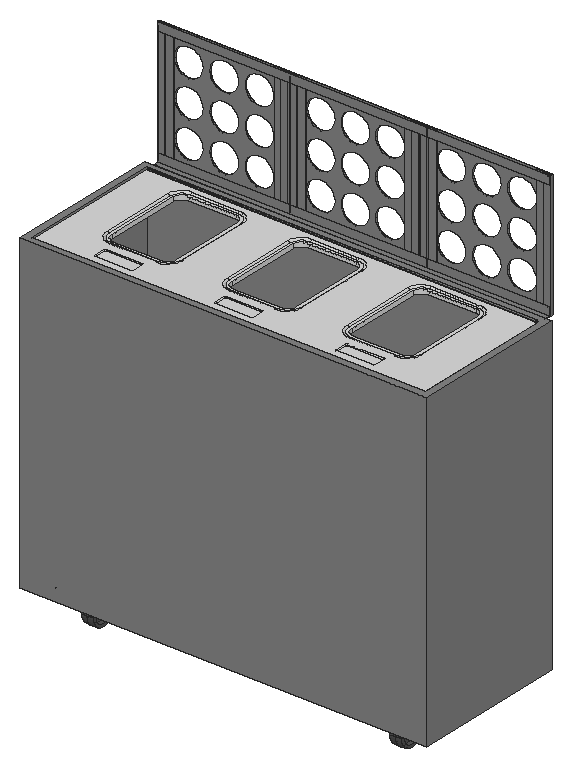
Revit family "Recycling-Waste-Bins_Aristata-Triple-Full-Full-Full_Busch-Systems", category Specialty Equipment, Revit 2026
Family settings
  Round Connector Dimension = Use Diameter
  Part Type = Normal
  Work Plane-Based = Yes
  Enable Cutting in Views = No
  Always vertical = Yes
  Cut with Voids When Loaded = No
  Maintain Annotation Orientation = No
  Shared = No
  Room Calculation Point = No
Parameters (values of type "Triple Full Full Full-Western Breeze")
  Wheel Casters = yes
  Sign Frames = yes
  Product Page URL = "https://www.arcat.com/arcatcos/cos52/arc52510.html"
  Product Name = "Triple Full Full Full-Western Breeze"
  Keynote = "11 82 00"
  URL = "https://www.buschsystems.com/"
  Type = ""
  Dimension (H x W x D) = "30”H x 39.9375”W x 15”D"  # constant formula
  Copyright = "©Arcat Inc."  # constant formula
  Model = "Aristata"
  Manufacturer = "Busch Systems International Inc."  # constant formula
  Description = ""
  Default Elevation = 0.0000"  # constant formula
  Assembly Code = ""
Types (5): name | Product Name
  Triple Full Full Full-Slate | "Triple Full Full Full-Slate"
  Triple Full Full Full-Glacier | "Triple Full Full Full-Glacier"
  Triple Full Full Full-Mid-Summer Flame | "Triple Full Full Full-Mid-Summer Flame"
  Triple Full Full Full-Western Breeze | "Triple Full Full Full-Western Breeze"
  Triple Full Full Full-Harvest Leaves | "Triple Full Full Full-Harvest Leaves"
Reference planes (in)
  plane 1 "Center (Front/Back)": y = 0
  plane 2: z = 0
  plane 3 "Center (Left/Right)": x = 0.00418
  plane 4: y = -0.95252
  plane 5: y = -11.64002
  plane 6: x = 14.82582
  plane 7: x = -14.74518
  plane 8: x = -19.49582
  plane 9: x = 19.50418
  plane 10 "FF": y = -15
  plane 11: y = -1.63621
  plane 12: y = -10.85658
  plane 13: y = -6.58246
  plane 14: x = 3.07204
  plane 15: x = -6.37603
  plane 16: z = 32.87224
  plane 17: z = 45.03052
  plane 18: z = 32.74251
  plane 19: z = 32.40939
  plane 20: x = -18.74518
  plane 21: x = 18.82582
  plane 22: z = 44.96052
  plane 23: z = 32.965
  plane 24: y = -0.68166
  plane 25: z = 32.91664
  plane 26: x = -15.93382
  plane 27: x = -12.54587
  plane 28: x = -9.15792
  plane 29: x = 16.01249
  plane 30: x = 12.63334
  plane 31: x = 9.25418
  plane 32: z = 42.3607
  plane 33: z = 38.8607
  plane 34: z = 35.3607
  plane 35: y = 0.97459
  plane 36: y = 0.50811
  plane 37: z = 4.38627
  plane 38: z = 5.01127
  plane 39: z = 3.63627
  plane 40: z = 3.5645
  plane 41: z = 2.965
  plane 42: x = -6.22152
  plane 43: x = 6.30215
  plane 44: x = -3.2832
  plane 45: x = 0.03346
  plane 46: x = 3.35011
Forms (in)
  Sweep 1, solid, material "Slate"
    path origin (0, 0, 0) x (1, 0, 0) y (0, 1, 0)
      loop
        line (-19.49582, 0) -> (-19.49582, -15) -> (19.50418, -15) -> (19.50418, 0) -> (-19.49582, 0)
    profile origin (-19.49582, -7.5, 0) x (1, 0, 0) y (0, 0, 1)
      loop
        line (0.625, 2.965) -> (0.625, 32.965) -> (0, 32.965) -> (0, 2.965) -> (0.625, 2.965)
  Sweep 2, void
    path origin (65.34541, -180, 32.87224) x (0, -1, 0) y (1, 0, 0)
      loop
        arc (-177.28404, -50.80542) -> (-177.89171, -51.05713) -> (-178.14342, -51.6648) r 0.85938
        line (-178.14342, -51.6648) -> (-178.14342, -56.19602)
        arc (-178.14342, -56.19602) -> (-177.89171, -56.80371) -> (-177.28402, -57.05542) r 0.8594
        line (-177.28402, -57.05542) -> (-170.00282, -57.05542)
        arc (-170.00282, -57.05542) -> (-169.39513, -56.80371) -> (-169.14342, -56.19602) r 0.8594
        line (-169.14342, -56.19602) -> (-169.14342, -51.6648)
        arc (-169.14342, -51.6648) -> (-169.39512, -51.05713) -> (-170.00279, -50.80542) r 0.85938
        line (-170.00279, -50.80542) -> (-177.28404, -50.80542)
    profile origin (14.53999, -6.35658, 32.87224) x (1, 0, 0) y (0, 0, 1)
      loop
        line (0, 0.10242) -> (0, -0.09983) -> (0.2939, -0.09983)
        arc (0.2939, -0.09983) -> (0.3594, -0.02715) -> (0.4534, 0) r 0.17817
        line (0.4534, 0) -> (0.4534, 0.10242) -> (0, 0.10242)
  Blend 3, void
    base sketch origin (0.59375, 0, 0) x (-1, 0, 0) y (0, -1, 0)
      loop
        line (-12.5174, 12.15354) -> (-9.12409, 12.15354)
        arc (-9.12409, 12.15354) -> (-8.98598, 12.21074) -> (-8.92878, 12.34885) r 0.19531
        line (-8.92878, 12.34885) -> (-8.92878, 13.38334)
        arc (-8.92878, 13.38334) -> (-8.98598, 13.52145) -> (-9.12409, 13.57865) r 0.19531
        line (-9.12409, 13.57865) -> (-12.51683, 13.57865)
        arc (-12.51683, 13.57865) -> (-12.65494, 13.52145) -> (-12.71214, 13.38334) r 0.19531
        line (-12.71214, 13.38334) -> (-12.71214, 12.34828)
        arc (-12.71214, 12.34828) -> (-12.6551, 12.21058) -> (-12.5174, 12.15354) r 0.19474
    top sketch origin (0.59375, 0, 0) x (-1, 0, 0) y (0, -1, 0)
      loop
        line (-12.51744, 12.23948) -> (-9.12405, 12.23948)
        arc (-9.12405, 12.23948) -> (-9.04671, 12.27151) -> (-9.01468, 12.34885) r 0.10938
        line (-9.01468, 12.34885) -> (-9.01468, 13.38334)
        arc (-9.01468, 13.38334) -> (-9.04671, 13.46068) -> (-9.12405, 13.49272) r 0.10938
        line (-9.12405, 13.49272) -> (-12.51687, 13.49272)
        arc (-12.51687, 13.49272) -> (-12.59421, 13.46068) -> (-12.62624, 13.38334) r 0.10938
        line (-12.62624, 13.38334) -> (-12.62624, 12.34828)
        arc (-12.62624, 12.34828) -> (-12.59438, 12.27134) -> (-12.51744, 12.23948) r 0.1088
    from 32.92777 to 32.79803
  Sweep 4, solid, material "Slate", visible <- "Sign Frames"
    path origin (65.34541, -180, 32.87224) x (0, -1, 0) y (1, 0, 0)
      loop
        line (-179.04748, -46.51959) -> (-179.04748, -84.09059)
    profile origin (0.04032, -0.95252, 32.87224) x (0, -1, 0) y (0, 0, 1)
      loop
        line (-1.01252, -2.01725) -> (-0.95252, -2.01725) -> (-0.95252, -0.01785)
        arc (-0.95252, -0.01785) -> (-0.97027, 0.025) -> (-1.01313, 0.04275) r 0.06061
        line (-1.01313, 0.04275) -> (-1.70548, 0.04275)
        arc (-1.70548, 0.04275) -> (-1.74582, 0.05946) -> (-1.76252, 0.0998) r 0.05705
        line (-1.76252, 0.0998) -> (-1.76252, 12.10275) -> (-1.82252, 12.10275) -> (-1.82252, 0.04211)
        arc (-1.82252, 0.04211) -> (-1.80514, 0.00014) -> (-1.76317, -0.01725) r 0.05936
        line (-1.76317, -0.01725) -> (-1.07163, -0.01725)
        arc (-1.07163, -0.01725) -> (-1.02983, -0.03456) -> (-1.01252, -0.07635) r 0.0591
        line (-1.01252, -0.07635) -> (-1.01252, -2.01725)
  Sweep 5, solid, material "Slate", visible <- "Sign Frames"
    path origin (0, 0, 0) x (1, 0, 0) y (0, 0, 1)
      loop
        line (-18.74518, 44.96052) -> (-18.74518, 32.965)
    profile origin (-18.74518, 0, 38.96276) x (0, -1, 0) y (1, 0, 0)
      loop
        line (-0.81, 1.375) -> (-0.81, -0.03)
        arc (-0.81, -0.03) -> (-0.711, -0.129) -> (-0.612, -0.03) r 0.099
        line (-0.612, -0.03) -> (-0.612, 0.625) -> (-0.648, 0.625) -> (-0.648, -0.03)
        arc (-0.648, -0.03) -> (-0.711, -0.093) -> (-0.774, -0.03) r 0.063
        line (-0.774, -0.03) -> (-0.774, 1.375) -> (-0.81, 1.375)
  Sweep 6, solid, material "Slate", visible <- "Sign Frames"
    path origin (0, 0, 0) x (-1, 0, 0) y (0, 0, 1)
      loop
        line (-18.82582, 44.96052) -> (-18.82582, 32.965)
    profile origin (18.82582, 0, 38.96276) x (0, -1, 0) y (1, 0, 0)
      loop
        line (-0.81, -1.375) -> (-0.774, -1.375) -> (-0.774, 0.03)
        arc (-0.774, 0.03) -> (-0.711, 0.093) -> (-0.648, 0.03) r 0.063
        line (-0.648, 0.03) -> (-0.648, -0.625) -> (-0.612, -0.625) -> (-0.612, 0.03)
        arc (-0.612, 0.03) -> (-0.711, 0.129) -> (-0.81, 0.03) r 0.099
        line (-0.81, 0.03) -> (-0.81, -1.375)
  Sweep 7, solid, material "Slate", visible <- "Sign Frames"
    path origin (-12.7862, 0, 0) x (-1, 0, 0) y (0, 0, 1)
      loop
        line (-6.56468, 44.96052) -> (-6.56468, 32.965)
    profile origin (-6.22152, 0, 38.96276) x (0, -1, 0) y (1, 0, 0)
      loop
        line (-0.81, -1.5) -> (-0.774, -1.5) -> (-0.774, -0.095)
        arc (-0.774, -0.095) -> (-0.711, -0.032) -> (-0.648, -0.095) r 0.063
        line (-0.648, -0.095) -> (-0.648, -0.75) -> (-0.612, -0.75) -> (-0.612, -0.095)
        arc (-0.612, -0.095) -> (-0.63176, -0.03566) -> (-0.68314, 0) r 0.099
        arc (-0.68314, 0) -> (-0.63176, 0.03566) -> (-0.612, 0.095) r 0.099
        line (-0.612, 0.095) -> (-0.612, 0.75) -> (-0.648, 0.75) -> (-0.648, 0.095)
        arc (-0.648, 0.095) -> (-0.711, 0.032) -> (-0.774, 0.095) r 0.063
        line (-0.774, 0.095) -> (-0.774, 1.5) -> (-0.81, 1.5) -> (-0.81, 0.095)
        arc (-0.81, 0.095) -> (-0.79024, 0.03566) -> (-0.73886, 0) r 0.099
        arc (-0.73886, 0) -> (-0.79024, -0.03566) -> (-0.81, -0.095) r 0.099
        line (-0.81, -0.095) -> (-0.81, -1.5)
  Sweep 8, solid, material "Slate", visible <- "Sign Frames"
    path origin (65.84541, -180, 44.96052) x (0, -1, 0) y (1, 0, 0)
      loop
        line (-180, -47.01959) -> (-180, -84.59059)
    profile origin (0.04032, 0, 44.96052) x (0, -1, 0) y (0, 0, 1)
      loop
        line (-0.552, 0) -> (-0.612, 0) -> (-0.612, -0.75) -> (-0.552, -0.75) -> (-0.552, 0)
  Sweep 9, solid, material "Slate", visible <- "Sign Frames"
    path origin (65.85446, -180, 32.965) x (0, -1, 0) y (1, 0, 0)
      loop
        line (-180, -47.02864) -> (-180, -84.59964)
    profile origin (0.04032, 0, 32.965) x (0, -1, 0) y (0, 0, 1)
      loop
        line (-0.552, 0.73047) -> (-0.612, 0.73047) -> (-0.612, -0.01953) -> (-0.552, -0.01953) -> (-0.552, 0.73047)
  Revolve 10, solid, material "Slate"
    sketch origin (65.34541, -179.9793, 32.91664) x (0, -1, 0) y (1, 0, 0)
      loop
        line (-179.29764, -83.87666) -> (-179.2293, -83.87666) -> (-179.2293, -46.80579) -> (-179.29764, -46.80579) -> (-179.29764, -83.87666)
      axis (-179.29764, -46.80579) -> (-179.29764, -83.87666)
    angle from 0 to 360
  Extrusion 11, void
    sketch origin (0, 0, 0) x (1, 0, 0) y (0, 0, 1)
      loop
        circle (-15.93382, 42.3607) r 1.37703
      loop
        circle (-12.54587, 42.3607) r 1.37703
      loop
        circle (-9.15792, 42.3607) r 1.37703
      loop
        circle (-9.15792, 38.8607) r 1.37703
      loop
        circle (-12.54587, 38.8607) r 1.37703
      loop
        circle (-15.93382, 38.8607) r 1.37703
      loop
        circle (-15.93382, 35.3607) r 1.37703
      loop
        circle (-12.54587, 35.3607) r 1.37703
      loop
        circle (-9.15792, 35.3607) r 1.37703
      loop
        circle (9.25418, 35.3607) r 1.37703
      loop
        circle (12.63334, 35.3607) r 1.37703
      loop
        circle (16.01249, 35.3607) r 1.37703
      loop
        circle (16.01249, 38.8607) r 1.37703
      loop
        circle (12.63334, 38.8607) r 1.37703
      loop
        circle (9.25418, 38.8607) r 1.37703
      loop
        circle (9.25418, 42.3607) r 1.37703
      loop
        circle (12.63334, 42.3607) r 1.37703
      loop
        circle (16.01249, 42.3607) r 1.37703
      loop
        circle (-17.74543, 31.60648) r 0.19994
      loop
        circle (-6.2149, 31.60648) r 0.19994
      loop
        circle (17.82551, 31.60648) r 0.19994
      loop
        circle (17.69995, 33.47463) r 0.06909
      loop
        circle (17.69995, 44.46069) r 0.06909
      loop
        circle (-4.90295, 33.47463) r 0.06909
      loop
        circle (-4.90295, 44.46069) r 0.06909
      loop
        circle (-7.40295, 33.47463) r 0.06909
      loop
        circle (-7.40295, 44.46069) r 0.06909
      loop
        circle (-17.62112, 33.47463) r 0.06909
      loop
        circle (-17.62112, 44.46069) r 0.06909
      loop
        circle (6.29745, 31.60648) r 0.19994
      loop
        circle (4.9855, 33.47463) r 0.06909
      loop
        circle (4.9855, 44.46069) r 0.06909
      loop
        circle (7.4855, 33.47463) r 0.06909
      loop
        circle (7.4855, 44.46069) r 0.06909
      loop
        circle (-3.2832, 35.3607) r 1.37703
      loop
        circle (0.03346, 35.3607) r 1.37703
      loop
        circle (3.35011, 35.3607) r 1.37703
      loop
        circle (3.35011, 38.8607) r 1.37703
      loop
        circle (0.03346, 38.8607) r 1.37703
      loop
        circle (-3.2832, 38.8607) r 1.37703
      loop
        circle (-3.2832, 42.3607) r 1.37703
      loop
        circle (0.03346, 42.3607) r 1.37703
      loop
        circle (3.35011, 42.3607) r 1.37703
    from -0.97459 to -0.50811
  Extrusion 12, solid, material "Slate"
    sketch origin (65.34541, -179.9793, 32.91664) x (0, -1, 0) y (-1, 0, 0)
      loop
        line (-179.3543, 84.21623) -> (-179.3543, 46.46623) -> (-165.6043, 46.46623) -> (-165.6043, 84.21623) -> (-179.3543, 84.21623)
    from 27.90537 to 28.53037
  Extrusion 13, solid, material "Slate"
    sketch origin (-0.75, 9.47428, 48) x (0, 1, 0) y (0, 0, 1)
      loop
        line (-10.29272, -43.58373) -> (-10.29272, -44.27613)
        arc (-10.29272, -44.27613) -> (-10.31838, -44.33807) -> (-10.38032, -44.36373) r 0.0876
        line (-10.38032, -44.36373) -> (-10.55585, -44.36373) -> (-10.55585, -44.4355) -> (-10.32668, -44.4355)
        arc (-10.32668, -44.4355) -> (-10.25317, -44.40505) -> (-10.22272, -44.33154) r 0.10396
        line (-10.22272, -44.33154) -> (-10.22272, -43.58373) -> (-10.29272, -43.58373)
      loop
        line (-23.75248, -43.58373) -> (-23.82248, -43.58373) -> (-23.82248, -44.33154)
        arc (-23.82248, -44.33154) -> (-23.79203, -44.40505) -> (-23.71852, -44.4355) r 0.10396
        line (-23.71852, -44.4355) -> (-23.48935, -44.4355) -> (-23.48935, -44.36373) -> (-23.66487, -44.36373)
        arc (-23.66487, -44.36373) -> (-23.72682, -44.33807) -> (-23.75248, -44.27613) r 0.0876
        line (-23.75248, -44.27613) -> (-23.75248, -43.58373)
    from 13.48722 to 17.66122
  Extrusion 14, solid, material "Slate"
    sketch origin (0.75, -9.47428, 48) x (0, -1, 0) y (0, 0, 1)
      loop
        line (-8.65583, -43.58373) -> (-8.72583, -43.58373) -> (-8.72583, -44.33154)
        arc (-8.72583, -44.33154) -> (-8.69538, -44.40505) -> (-8.62188, -44.4355) r 0.10396
        line (-8.62188, -44.4355) -> (-8.3927, -44.4355) -> (-8.3927, -44.36373) -> (-8.56823, -44.36373)
        arc (-8.56823, -44.36373) -> (-8.63017, -44.33807) -> (-8.65583, -44.27613) r 0.0876
        line (-8.65583, -44.27613) -> (-8.65583, -43.58373)
      loop
        line (4.80392, -43.58373) -> (4.80392, -44.27613)
        arc (4.80392, -44.27613) -> (4.77826, -44.33807) -> (4.71632, -44.36373) r 0.0876
        line (4.71632, -44.36373) -> (4.54079, -44.36373) -> (4.54079, -44.4355) -> (4.76997, -44.4355)
        arc (4.76997, -44.4355) -> (4.84348, -44.40505) -> (4.87392, -44.33154) r 0.10396
        line (4.87392, -44.33154) -> (4.87392, -43.58373) -> (4.80392, -43.58373)
    from 13.40658 to 17.58058
  Extrusion 15, solid, material "Slate"
    sketch origin (50.28125, 0, 0) x (1, 0, 0) y (0, 0, 1)
      loop
        line (-33.37232, 4.38627) -> (-33.78119, 4.38627)
        arc (-33.78119, 4.38627) -> (-33.89754, 4.33808) -> (-33.94573, 4.22173) r 0.16454
        line (-33.94573, 4.22173) -> (-33.94573, 3.66834)
        arc (-33.94573, 3.66834) -> (-33.95512, 3.64566) -> (-33.97779, 3.63627) r 0.03206
        line (-33.97779, 3.63627) -> (-34.14399, 3.63627) -> (-34.14399, 3.5645) -> (-33.98035, 3.5645)
        arc (-33.98035, 3.5645) -> (-33.90637, 3.59514) -> (-33.87573, 3.66912) r 0.10461
        line (-33.87573, 3.66912) -> (-33.87573, 4.21789)
        arc (-33.87573, 4.21789) -> (-33.84691, 4.28746) -> (-33.77735, 4.31627) r 0.09838
        line (-33.77735, 4.31627) -> (-33.37232, 4.31627) -> (-33.37232, 4.38627)
      loop
        line (-37.54632, 4.38627) -> (-37.54632, 4.31627) -> (-37.04946, 4.31627)
        arc (-37.04946, 4.31627) -> (-36.9799, 4.28746) -> (-36.95108, 4.21789) r 0.09838
        line (-36.95108, 4.21789) -> (-36.95108, 3.66912)
        arc (-36.95108, 3.66912) -> (-36.92044, 3.59514) -> (-36.84647, 3.5645) r 0.10461
        line (-36.84647, 3.5645) -> (-36.76899, 3.5645) -> (-36.76899, 3.63627) -> (-36.84902, 3.63627)
        arc (-36.84902, 3.63627) -> (-36.87169, 3.64566) -> (-36.88108, 3.66834) r 0.03206
        line (-36.88108, 3.66834) -> (-36.88108, 4.22173)
        arc (-36.88108, 4.22173) -> (-36.92928, 4.33808) -> (-37.04562, 4.38627) r 0.16454
        line (-37.04562, 4.38627) -> (-37.54632, 4.38627)
      loop
        line (-62.94332, 4.38627) -> (-63.35219, 4.38627)
        arc (-63.35219, 4.38627) -> (-63.46854, 4.33808) -> (-63.51673, 4.22173) r 0.16454
        line (-63.51673, 4.22173) -> (-63.51673, 3.66834)
        arc (-63.51673, 3.66834) -> (-63.52612, 3.64566) -> (-63.54879, 3.63627) r 0.03206
        line (-63.54879, 3.63627) -> (-63.71499, 3.63627) -> (-63.71499, 3.5645) -> (-63.55134, 3.5645)
        arc (-63.55134, 3.5645) -> (-63.47737, 3.59514) -> (-63.44673, 3.66912) r 0.10461
        line (-63.44673, 3.66912) -> (-63.44673, 4.21789)
        arc (-63.44673, 4.21789) -> (-63.41791, 4.28746) -> (-63.34835, 4.31627) r 0.09838
        line (-63.34835, 4.31627) -> (-62.94332, 4.31627) -> (-62.94332, 4.38627)
      loop
        line (-67.11732, 4.38627) -> (-67.11732, 4.31627) -> (-66.62046, 4.31627)
        arc (-66.62046, 4.31627) -> (-66.5509, 4.28746) -> (-66.52208, 4.21789) r 0.09838
        line (-66.52208, 4.21789) -> (-66.52208, 3.66912)
        arc (-66.52208, 3.66912) -> (-66.49144, 3.59514) -> (-66.41747, 3.5645) r 0.10461
        line (-66.41747, 3.5645) -> (-66.33999, 3.5645) -> (-66.33999, 3.63627) -> (-66.42002, 3.63627)
        arc (-66.42002, 3.63627) -> (-66.44269, 3.64566) -> (-66.45208, 3.66834) r 0.03206
        line (-66.45208, 3.66834) -> (-66.45208, 4.22173)
        arc (-66.45208, 4.22173) -> (-66.50027, 4.33808) -> (-66.61662, 4.38627) r 0.16454
        line (-66.61662, 4.38627) -> (-67.11732, 4.38627)
    from 3.79344 to 11.29344
  Sweep 16, solid, material "Slate", visible <- "Sign Frames"
    path origin (1.2138, 0, 0) x (-1, 0, 0) y (0, 0, 1)
      loop
        line (-5.08835, 44.96052) -> (-5.08835, 32.965)
    profile origin (6.30215, 0, 38.96276) x (0, -1, 0) y (1, 0, 0)
      loop
        line (-0.81, -1.5) -> (-0.774, -1.5) -> (-0.774, -0.095)
        arc (-0.774, -0.095) -> (-0.711, -0.032) -> (-0.648, -0.095) r 0.063
        line (-0.648, -0.095) -> (-0.648, -0.75) -> (-0.612, -0.75) -> (-0.612, -0.095)
        arc (-0.612, -0.095) -> (-0.63176, -0.03566) -> (-0.68314, 0) r 0.099
        arc (-0.68314, 0) -> (-0.63176, 0.03566) -> (-0.612, 0.095) r 0.099
        line (-0.612, 0.095) -> (-0.612, 0.75) -> (-0.648, 0.75) -> (-0.648, 0.095)
        arc (-0.648, 0.095) -> (-0.711, 0.032) -> (-0.774, 0.095) r 0.063
        line (-0.774, 0.095) -> (-0.774, 1.5) -> (-0.81, 1.5) -> (-0.81, 0.095)
        arc (-0.81, 0.095) -> (-0.79024, 0.03566) -> (-0.73886, 0) r 0.099
        arc (-0.73886, 0) -> (-0.79024, -0.03566) -> (-0.81, -0.095) r 0.099
        line (-0.81, -0.095) -> (-0.81, -1.5)
  Extrusion 17, solid, material "Slate"
    sketch origin (69.8431, -179.9793, 32.91664) x (0, -1, 0) y (-1, 0, 0)
      loop
        line (-176.39368, 57.10817) -> (-179.08845, 57.10817) -> (-179.08845, 52.9258) -> (-176.39368, 52.9258) -> (-176.39368, 53.70584) -> (-168.54843, 53.70584) -> (-168.54843, 52.93417) -> (-165.84382, 52.93417) -> (-165.84382, 57.10817) -> (-168.54843, 57.10817) -> (-168.54843, 56.33084) -> (-176.39368, 56.33084) -> (-176.39368, 57.10817)
    from 29.28037 to 29.35214
  Extrusion 18, solid, material "Slate"
    sketch origin (40.2753, -179.9793, 32.91664) x (0, -1, 0) y (-1, 0, 0)
      loop
        line (-176.39368, 57.10817) -> (-179.08845, 57.10817) -> (-179.08845, 52.9258) -> (-176.39368, 52.9258) -> (-176.39368, 53.70584) -> (-168.54843, 53.70584) -> (-168.54843, 52.93417) -> (-165.84382, 52.93417) -> (-165.84382, 57.10817) -> (-168.54843, 57.10817) -> (-168.54843, 56.33084) -> (-176.39368, 56.33084) -> (-176.39368, 57.10817)
    from 29.28037 to 29.35214
  Extrusion 19, solid, material "Top Finish"
    sketch origin (65.34541, -179.9793, 32.91664) x (0, -1, 0) y (-1, 0, 0)
      loop
        line (-165.7293, 84.09123) -> (-179.2293, 84.09123) -> (-179.2293, 46.59123) -> (-165.7293, 46.59123) -> (-165.7293, 84.09123)
      loop
        arc (-177.26332, 57.05542) -> (-177.871, 56.80371) -> (-178.12272, 56.19602) r 0.8594
        line (-178.12272, 56.19602) -> (-178.12272, 51.6648)
        arc (-178.12272, 51.6648) -> (-177.87101, 51.05713) -> (-177.26334, 50.80542) r 0.85937
        line (-177.26334, 50.80542) -> (-169.98209, 50.80542)
        arc (-169.98209, 50.80542) -> (-169.37442, 51.05713) -> (-169.12272, 51.6648) r 0.85937
        line (-169.12272, 51.6648) -> (-169.12272, 56.19602)
        arc (-169.12272, 56.19602) -> (-169.37443, 56.80371) -> (-169.98212, 57.05542) r 0.8594
        line (-169.98212, 57.05542) -> (-177.26332, 57.05542)
      loop
        arc (-177.26332, 80.05542) -> (-177.871, 79.80371) -> (-178.12272, 79.19602) r 0.8594
        line (-178.12272, 79.19602) -> (-178.12272, 74.6648)
        arc (-178.12272, 74.6648) -> (-177.87101, 74.05713) -> (-177.26334, 73.80542) r 0.85937
        line (-177.26334, 73.80542) -> (-169.98209, 73.80542)
        arc (-169.98209, 73.80542) -> (-169.37442, 74.05713) -> (-169.12272, 74.6648) r 0.85937
        line (-169.12272, 74.6648) -> (-169.12272, 79.19602)
        arc (-169.12272, 79.19602) -> (-169.37443, 79.80371) -> (-169.98212, 80.05542) r 0.8594
        line (-169.98212, 80.05542) -> (-177.26332, 80.05542)
      loop
        arc (-177.26332, 68.55543) -> (-177.871, 68.30372) -> (-178.12272, 67.69603) r 0.8594
        line (-178.12272, 67.69603) -> (-178.12272, 63.16481)
        arc (-178.12272, 63.16481) -> (-177.87101, 62.55714) -> (-177.26334, 62.30543) r 0.85937
        line (-177.26334, 62.30543) -> (-169.98209, 62.30543)
        arc (-169.98209, 62.30543) -> (-169.37442, 62.55714) -> (-169.12272, 63.16481) r 0.85937
        line (-169.12272, 63.16481) -> (-169.12272, 67.69603)
        arc (-169.12272, 67.69603) -> (-169.37443, 68.30372) -> (-169.98212, 68.55543) r 0.8594
        line (-169.98212, 68.55543) -> (-177.26332, 68.55543)
    from 0.04439 to 0.50725
  Blend 20, void
    base sketch origin (-11.03125, 0, 0) x (-1, 0, 0) y (0, -1, 0)
      loop
        line (-12.5174, 12.15354) -> (-9.12409, 12.15354)
        arc (-9.12409, 12.15354) -> (-8.98598, 12.21074) -> (-8.92878, 12.34885) r 0.19531
        line (-8.92878, 12.34885) -> (-8.92878, 13.38334)
        arc (-8.92878, 13.38334) -> (-8.98598, 13.52145) -> (-9.12409, 13.57865) r 0.19531
        line (-9.12409, 13.57865) -> (-12.51683, 13.57865)
        arc (-12.51683, 13.57865) -> (-12.65494, 13.52145) -> (-12.71214, 13.38334) r 0.19531
        line (-12.71214, 13.38334) -> (-12.71214, 12.34828)
        arc (-12.71214, 12.34828) -> (-12.6551, 12.21058) -> (-12.5174, 12.15354) r 0.19474
    top sketch origin (-11.03125, 0, 0) x (-1, 0, 0) y (0, -1, 0)
      loop
        line (-12.51744, 12.23948) -> (-9.12405, 12.23948)
        arc (-9.12405, 12.23948) -> (-9.04671, 12.27151) -> (-9.01468, 12.34885) r 0.10938
        line (-9.01468, 12.34885) -> (-9.01468, 13.38334)
        arc (-9.01468, 13.38334) -> (-9.04671, 13.46068) -> (-9.12405, 13.49272) r 0.10938
        line (-9.12405, 13.49272) -> (-12.51687, 13.49272)
        arc (-12.51687, 13.49272) -> (-12.59421, 13.46068) -> (-12.62624, 13.38334) r 0.10938
        line (-12.62624, 13.38334) -> (-12.62624, 12.34828)
        arc (-12.62624, 12.34828) -> (-12.59438, 12.27134) -> (-12.51744, 12.23948) r 0.1088
    from 32.92777 to 32.79803
  Blend 21, void
    base sketch origin (-22.53125, 0, 0) x (-1, 0, 0) y (0, -1, 0)
      loop
        line (-12.5174, 12.15354) -> (-9.12409, 12.15354)
        arc (-9.12409, 12.15354) -> (-8.98598, 12.21074) -> (-8.92878, 12.34885) r 0.19531
        line (-8.92878, 12.34885) -> (-8.92878, 13.38334)
        arc (-8.92878, 13.38334) -> (-8.98598, 13.52145) -> (-9.12409, 13.57865) r 0.19531
        line (-9.12409, 13.57865) -> (-12.51683, 13.57865)
        arc (-12.51683, 13.57865) -> (-12.65494, 13.52145) -> (-12.71214, 13.38334) r 0.19531
        line (-12.71214, 13.38334) -> (-12.71214, 12.34828)
        arc (-12.71214, 12.34828) -> (-12.6551, 12.21058) -> (-12.5174, 12.15354) r 0.19474
    top sketch origin (-22.53125, 0, 0) x (-1, 0, 0) y (0, -1, 0)
      loop
        line (-12.51744, 12.23948) -> (-9.12405, 12.23948)
        arc (-9.12405, 12.23948) -> (-9.04671, 12.27151) -> (-9.01468, 12.34885) r 0.10938
        line (-9.01468, 12.34885) -> (-9.01468, 13.38334)
        arc (-9.01468, 13.38334) -> (-9.04671, 13.46068) -> (-9.12405, 13.49272) r 0.10938
        line (-9.12405, 13.49272) -> (-12.51687, 13.49272)
        arc (-12.51687, 13.49272) -> (-12.59421, 13.46068) -> (-12.62624, 13.38334) r 0.10938
        line (-12.62624, 13.38334) -> (-12.62624, 12.34828)
        arc (-12.62624, 12.34828) -> (-12.59438, 12.27134) -> (-12.51744, 12.23948) r 0.1088
    from 32.92777 to 32.79803
  Sweep 22, void
    path origin (53.8454, -180, 32.87224) x (0, -1, 0) y (1, 0, 0)
      loop
        arc (-177.28404, -50.80542) -> (-177.89171, -51.05713) -> (-178.14342, -51.6648) r 0.85938
        line (-178.14342, -51.6648) -> (-178.14342, -56.19602)
        arc (-178.14342, -56.19602) -> (-177.89171, -56.80371) -> (-177.28402, -57.05542) r 0.8594
        line (-177.28402, -57.05542) -> (-170.00282, -57.05542)
        arc (-170.00282, -57.05542) -> (-169.39513, -56.80371) -> (-169.14342, -56.19602) r 0.8594
        line (-169.14342, -56.19602) -> (-169.14342, -51.6648)
        arc (-169.14342, -51.6648) -> (-169.39512, -51.05713) -> (-170.00279, -50.80542) r 0.85938
        line (-170.00279, -50.80542) -> (-177.28404, -50.80542)
    profile origin (3.03997, -6.35658, 32.87224) x (1, 0, 0) y (0, 0, 1)
      loop
        line (0, 0.10242) -> (0, -0.09983) -> (0.2939, -0.09983)
        arc (0.2939, -0.09983) -> (0.3594, -0.02715) -> (0.4534, 0) r 0.17817
        line (0.4534, 0) -> (0.4534, 0.10242) -> (0, 0.10242)
  Sweep 23, void
    path origin (42.34541, -180, 32.87224) x (0, -1, 0) y (1, 0, 0)
      loop
        arc (-177.28404, -50.80542) -> (-177.89171, -51.05713) -> (-178.14342, -51.6648) r 0.85938
        line (-178.14342, -51.6648) -> (-178.14342, -56.19602)
        arc (-178.14342, -56.19602) -> (-177.89171, -56.80371) -> (-177.28402, -57.05542) r 0.8594
        line (-177.28402, -57.05542) -> (-170.00282, -57.05542)
        arc (-170.00282, -57.05542) -> (-169.39513, -56.80371) -> (-169.14342, -56.19602) r 0.8594
        line (-169.14342, -56.19602) -> (-169.14342, -51.6648)
        arc (-169.14342, -51.6648) -> (-169.39512, -51.05713) -> (-170.00279, -50.80542) r 0.85938
        line (-170.00279, -50.80542) -> (-177.28404, -50.80542)
    profile origin (-8.46001, -6.35658, 32.87224) x (1, 0, 0) y (0, 0, 1)
      loop
        line (0, 0.10242) -> (0, -0.09983) -> (0.2939, -0.09983)
        arc (0.2939, -0.09983) -> (0.3594, -0.02715) -> (0.4534, 0) r 0.17817
        line (0.4534, 0) -> (0.4534, 0.10242) -> (0, 0.10242)
Cuts and joins
  Extrusion 11 cuts Sweep 4
  joined: Extrusion 15, Extrusion 17, Extrusion 18
  Sweep 2, Blend 3, Blend 20, Blend 21, Sweep 22, Sweep 23 cuts Extrusion 19
Lines and regions (in)
  symbolic lines, style "SpecialityEquipmentHiddenLines"
    curve 1: line (-18.24518, 0, 31.95575) -> (-6.72152, 0, 31.95575)
    curve 2: line (-17.07169, 0, 5.26127) -> (-18.24518, 0, 31.95575)
    curve 3: line (-7.65565, 0, 5.26127) -> (-17.07169, 0, 5.26127)
    curve 4: line (-6.72152, 0, 31.95575) -> (-7.65565, 0, 5.26127)
    curve 5: line (5.80215, 0, 31.95575) -> (-5.72152, 0, 31.95575)
    curve 6: line (4.62866, 0, 5.26127) -> (5.80215, 0, 31.95575)
    curve 7: line (-4.78739, 0, 5.26127) -> (4.62866, 0, 5.26127)
    curve 8: line (-5.72152, 0, 31.95575) -> (-4.78739, 0, 5.26127)
    curve 9: line (6.80215, 0, 31.95575) -> (18.32582, 0, 31.95575)
    curve 10: line (7.97564, 0, 5.26127) -> (6.80215, 0, 31.95575)
    curve 11: line (17.39168, 0, 5.26127) -> (7.97564, 0, 5.26127)
    curve 12: line (18.32582, 0, 31.95575) -> (17.39168, 0, 5.26127)
Dimensions and locks (in)
  plane 4 to plane 5 = 10.6875"
  locked: plane 19 to plane 18 at 0.33312
  plane 18 to plane 16 to plane 25 to plane 23 = 0.12974" locked, 0.04439" locked, 0.04836" locked
  locked: Revolve 10 sketch curve to plane 21 at 0.2862
  locked: plane 20 to Revolve 10 sketch curve at 0.21393
  equal spacing: plane 28, plane 27, plane 26
  equal spacing: plane 32, plane 33, plane 34
  locked: plane 17 to plane 32 at 2.66982
  locked: plane 34 to plane 23 at 2.3957
  equal spacing: plane 29, plane 30, plane 31
  plane 29 to plane 21 to plane 9 = 2.81332" locked, 0.67837" locked
  plane 26 to plane 20 to plane 8 = 2.81137" locked, 0.75063" locked
  locked: plane 17 to plane 22 at 0.07
  plane 41 to plane 40 to plane 39 to plane 37 to plane 38 = 0.59951" locked, 0.07177" locked, 0.7500" locked, 0.6250" locked
  locked: plane 23 to plane 41 at 30
  locked: plane 8 to plane 9 at 39
  locked: plane 10 "FF" to plane 1 "Center (Front/Back)" at 15
  equal spacing: plane 8, plane 3 "Center (Left/Right)", plane 9
  equal spacing: plane 21, plane 43, plane 42, plane 20
  locked: plane 28 to plane 42 at 2.9364
  locked: plane 31 to plane 43 at 2.95203
  equal spacing: plane 44, plane 45, plane 46
  locked: plane 46 to plane 43 at 2.95203
  locked: plane 44 to plane 42 at 2.93832
  aligned and locked: plane 2 to level
  aligned and locked: Sweep 1 sketch curve to plane 8
  aligned and locked: Sweep 1 sketch curve to plane 1 "Center (Front/Back)"
  aligned and locked: plane 9 to Sweep 1 sketch curve
  aligned and locked: Sweep 1 sketch curve to plane 10 "FF"
  aligned and locked: plane 4 to Sweep 4 sketch curve
  aligned and locked: plane 22 to Sweep 5 sketch curve
  aligned and locked: plane 23 to Sweep 5 sketch curve
  aligned and locked: Sweep 5 sketch curve to plane 20
  aligned and locked: Sweep 6 sketch curve to plane 21
  aligned and locked: plane 22 to Sweep 6 sketch curve
  aligned and locked: plane 23 to Sweep 6 sketch curve
  aligned and locked: plane 22 to Sweep 7 sketch curve
  aligned and locked: plane 23 to Sweep 7 sketch curve
  aligned and locked: plane 20 to Sweep 8 sketch curve
  aligned and locked: plane 21 to Sweep 8 sketch curve
  aligned and locked: Sweep 8 sketch curve to plane 1 "Center (Front/Back)"
  aligned and locked: plane 24 to Revolve 10 sketch curve  (x2)
  aligned and locked: plane 29 to Extrusion 11 sketch curve  (x3)
  aligned and locked: plane 30 to Extrusion 11 sketch curve  (x3)
  aligned and locked: plane 31 to Extrusion 11 sketch curve  (x3)
  aligned and locked: plane 28 to Extrusion 11 sketch curve  (x3)
  aligned and locked: plane 27 to Extrusion 11 sketch curve  (x3)
  aligned and locked: plane 26 to Extrusion 11 sketch curve  (x3)
  aligned and locked: plane 32 to Extrusion 11 sketch curve  (x6)
  aligned and locked: plane 33 to Extrusion 11 sketch curve  (x6)
  aligned and locked: plane 34 to Extrusion 11 sketch curve  (x6)
  aligned and locked: Extrusion 11 to plane 35
  aligned and locked: plane 36 to Extrusion 11
  aligned and locked: Sweep 1 to Extrusion 12 sketch curve  (x2)
  aligned and locked: Extrusion 12 sketch curve to Sweep 1  (x2)
  aligned and locked: plane 37 to Extrusion 12
  aligned and locked: Extrusion 12 to plane 38
  aligned and locked: Sweep 7 sketch curve to plane 42
  aligned and locked: Sweep 16 sketch curve to plane 43
  aligned and locked: plane 44 to Extrusion 11 sketch curve  (x3)
  aligned and locked: plane 45 to Extrusion 11 sketch curve  (x3)
  aligned and locked: plane 46 to Extrusion 11 sketch curve  (x3)
  aligned and locked: Extrusion 13 to nested 2  (x2)
  aligned and locked: Extrusion 14 to nested 4  (x2)
  aligned and locked: Extrusion 19 to plane 16
  aligned and locked: plane 19 to Extrusion 19
  aligned and locked: Sweep 2 sketch curve to Extrusion 19  (x2)
Automatic sketch dimensions
  plane 20 to curve 2 = 0.5000"
  curve 2 to plane 38 = 0.2500"
  curve 2 to plane 26 = 1.13788"
  plane 15 to curve 4 = 1.27962"
  plane 15 to curve 4 = 0.34549"
  plane 42 to curve 5 = 0.5000"
  curve 8 to plane 38 = 0.2500"
  plane 42 to curve 8 = 1.43413"
  curve 7 to plane 46 = 1.27855"
  curve 5 to plane 43 = 0.5000"
  plane 43 to curve 10 = 0.5000"
  curve 10 to plane 38 = 0.2500"
  curve 10 to plane 31 = 1.27855"
  curve 12 to plane 29 = 1.37919"
  curve 12 to plane 21 = 0.5000"
  plane 19 to curve 6 = 0.45363"
  plane 19 to curve 9 = 0.45363"
  plane 19 to curve 4 = 0.45363"
  profile plane to Sweep 1 sketch curve = 0.0000"
  Sweep 1 sketch curve to Sweep 1 sketch curve = 0.6250"
  level to Sweep 1 sketch curve = 2.9650"
  Sweep 1 sketch curve to Sweep 1 sketch curve = 30.0000"
  plane 12 to Sweep 2 sketch curve = 0.0000"
  Sweep 2 sketch curve to plane 12 = 0.85937"
  Sweep 2 sketch curve to plane 12 = 0.8594"
  Sweep 2 sketch curve to plane 31 = 0.1048"
  plane 11 to Sweep 2 sketch curve = 1.07978"
  plane 11 to Sweep 2 sketch curve = 1.07975"
  profile plane to Sweep 2 sketch curve = 0.0000"
  Sweep 2 sketch curve to plane 16 = 0.0000"
  plane 16 to Sweep 2 sketch curve = 0.09983"
  Sweep 2 sketch curve to Sweep 2 sketch curve = 0.2939"
  Sweep 2 sketch curve to Sweep 2 sketch curve = 0.15949"
  plane 16 to Sweep 2 sketch curve = 0.17817"
  Sweep 2 sketch curve to Sweep 2 sketch curve = 0.10242"
  plane 30 to Blend 3 sketch curve = 0.67255"
  Blend 3 sketch curve to Blend 3 sketch curve = 0.19474"
  Blend 3 sketch curve to Blend 3 sketch curve = 0.19531"  (x2)
  Blend 3 sketch curve to plane 31 = 0.46366"  (x2)
  plane 10 "FF" to Blend 3 sketch curve = 1.42135"
  Blend 3 sketch curve to plane 5 = 0.70883"  (x2)
  plane 30 to Blend 3 sketch curve = 0.58665"
  Blend 3 sketch curve to Blend 3 sketch curve = 0.1088"
  Blend 3 sketch curve to Blend 3 sketch curve = 0.10937"
  Blend 3 sketch curve to plane 31 = 0.46362"  (x2)
  Blend 3 sketch curve to Blend 3 sketch curve = 0.10938"
  plane 10 "FF" to Blend 3 sketch curve = 1.50728"
  Sweep 4 sketch curve to plane 20 = 0.0000"
  Sweep 4 sketch curve to plane 21 = 0.0000"
  Sweep 4 sketch curve to plane 16 = 0.04211"
  profile plane to Sweep 4 sketch curve = 1.82252"
  plane 16 to Sweep 4 sketch curve = 0.01725"
  Sweep 4 sketch curve to Sweep 4 sketch curve = 0.00064"
  Sweep 4 sketch curve to Sweep 4 sketch curve = 0.05705"
  Sweep 4 sketch curve to Sweep 4 sketch curve = 0.63385"
  Sweep 4 sketch curve to Sweep 4 sketch curve = 0.0585"
  profile plane to Sweep 4 sketch curve = 1.01252"
  Sweep 4 sketch curve to Sweep 4 sketch curve = 0.0600"
  Sweep 4 sketch curve to Sweep 4 sketch curve = 1.9409"
  plane 16 to Sweep 4 sketch curve = 0.01785"
  Sweep 4 sketch curve to Sweep 4 sketch curve = 12.00295"
  Sweep 5 sketch curve to Sweep 5 sketch curve = 0.0000"  (x2)
  Sweep 5 sketch curve to plane 1 "Center (Front/Back)" = 0.8100"
  Sweep 5 sketch curve to Sweep 5 sketch curve = 0.0360"
  profile plane to Sweep 5 sketch curve = 0.0300"
  Sweep 5 sketch curve to Sweep 5 sketch curve = 0.0630"
  Sweep 5 sketch curve to profile plane = 0.6250"
  Sweep 5 sketch curve to Sweep 5 sketch curve = 0.7500"
  Sweep 6 sketch curve to Sweep 6 sketch curve = 0.0000"  (x2)
  Sweep 6 sketch curve to plane 1 "Center (Front/Back)" = 0.8100"
  Sweep 6 sketch curve to Sweep 6 sketch curve = 0.0360"
  Sweep 6 sketch curve to profile plane = 0.0300"
  Sweep 6 sketch curve to Sweep 6 sketch curve = 0.0630"
  profile plane to Sweep 6 sketch curve = 0.6250"
  Sweep 6 sketch curve to Sweep 6 sketch curve = 0.7500"
  Sweep 7 sketch curve to Sweep 7 sketch curve = 0.0000"  (x12)
  Sweep 7 sketch curve to profile plane = 0.0000"  (x2)
  Sweep 7 sketch curve to plane 1 "Center (Front/Back)" = 0.8100"  (x2)
  Sweep 7 sketch curve to Sweep 7 sketch curve = 0.0360"  (x3)
  Sweep 7 sketch curve to Sweep 7 sketch curve = 0.0630"  (x2)
  profile plane to Sweep 7 sketch curve = 0.0950"
  Sweep 7 sketch curve to Sweep 7 sketch curve = 0.6550"  (x2)
  Sweep 7 sketch curve to Sweep 7 sketch curve = 0.7500"  (x2)
  plane 22 to Sweep 8 sketch curve = 0.0000"
  profile plane to Sweep 8 sketch curve = 0.6120"
  Sweep 8 sketch curve to Sweep 8 sketch curve = 0.0600"
  Sweep 8 sketch curve to Sweep 8 sketch curve = 0.7500"
  plane 1 "Center (Front/Back)" to Sweep 9 sketch curve = 0.0000"
  Sweep 9 sketch curve to plane 20 = 0.0000"
  Sweep 9 sketch curve to plane 21 = 0.0000"
  profile plane to Sweep 9 sketch curve = 0.6120"
  plane 23 to Sweep 9 sketch curve = 0.01953"
  Sweep 9 sketch curve to Sweep 9 sketch curve = 0.0600"
  Sweep 9 sketch curve to plane 23 = 0.73047"
  plane 24 to Revolve 10 sketch curve = 0.06834"
  Revolve 10 sketch curve to plane 8 = 0.36028"
  Revolve 10 sketch curve to Revolve 10 sketch curve = 0.33896"
  Extrusion 11 sketch curve to plane 34 = 0.0000"  (x3)
  Extrusion 11 sketch curve to plane 33 = 0.0000"  (x3)
  Extrusion 11 sketch curve to plane 32 = 0.0000"  (x3)
  plane 22 to Extrusion 11 sketch curve = 0.49983"  (x6)
  plane 20 to Extrusion 11 sketch curve = 1.12406"  (x2)
  Extrusion 11 sketch curve to plane 23 = 0.50963"  (x6)
  plane 20 to Extrusion 11 sketch curve = 0.99976"
  plane 15 to Extrusion 11 sketch curve = 1.02693"  (x2)
  plane 42 to Extrusion 11 sketch curve = 0.00661"
  plane 42 to Extrusion 11 sketch curve = 1.31856"  (x2)
  Extrusion 11 sketch curve to plane 43 = 1.31665"  (x2)
  Extrusion 11 sketch curve to plane 43 = 0.0047"
  plane 43 to Extrusion 11 sketch curve = 1.18335"  (x2)
  Extrusion 11 sketch curve to plane 21 = 1.12586"  (x2)
  Extrusion 11 sketch curve to plane 21 = 1.00031"
  plane 19 to Extrusion 11 sketch curve = 0.8029"  (x4)
  plane 40 to Extrusion 13 sketch curve = 0.0000"  (x2)
  plane 39 to Extrusion 13 sketch curve = 0.0000"  (x2)
  Extrusion 13 sketch curve to plane 37 = 0.0300"  (x2)
  Extrusion 13 sketch curve to plane 10 "FF" = 0.6518"
  Extrusion 13 sketch curve to Extrusion 13 sketch curve = 0.0700"
  Extrusion 13 sketch curve to plane 39 = 0.03219"  (x2)
  Extrusion 13 sketch curve to Extrusion 13 sketch curve = 0.05365"  (x2)
  Extrusion 13 sketch curve to Extrusion 13 sketch curve = 0.17553"
  plane 4 to Extrusion 13 sketch curve = 0.12905"
  Extrusion 13 sketch curve to plane 4 = 0.04648"
  Extrusion 13 sketch curve to Extrusion 13 sketch curve = 0.03396"
  plane 40 to Extrusion 14 sketch curve = 0.0000"  (x2)
  plane 39 to Extrusion 14 sketch curve = 0.0000"  (x2)
  plane 24 to Extrusion 14 sketch curve = 0.06678"
  Extrusion 14 sketch curve to Extrusion 14 sketch curve = 0.0700"  (x2)
  Extrusion 14 sketch curve to plane 4 = 0.10012"
  Extrusion 14 sketch curve to plane 4 = 0.04648"
  plane 4 to Extrusion 14 sketch curve = 0.12905"
  Extrusion 14 sketch curve to plane 10 "FF" = 0.98493"
  Extrusion 14 sketch curve to plane 39 = 0.0876"
  Extrusion 14 sketch curve to Extrusion 14 sketch curve = 0.17553"
  Extrusion 14 sketch curve to Extrusion 14 sketch curve = 0.05365"
  Extrusion 14 sketch curve to plane 37 = 0.0300"  (x2)
  Extrusion 15 sketch curve to plane 37 = 0.0000"  (x4)
  Extrusion 15 sketch curve to plane 39 = 0.0000"  (x4)
  Extrusion 15 sketch curve to plane 40 = 0.0000"  (x4)
  plane 37 to Extrusion 15 sketch curve = 0.0700"  (x3)
  Extrusion 15 sketch curve to plane 26 = 0.90225"
  plane 37 to Extrusion 15 sketch curve = 0.16838"
  Extrusion 15 sketch curve to plane 26 = 0.4054"
  Extrusion 15 sketch curve to Extrusion 15 sketch curve = 0.00384"  (x5)
  Extrusion 15 sketch curve to plane 39 = 0.03206"
  Extrusion 15 sketch curve to Extrusion 15 sketch curve = 0.0700"  (x3)
  Extrusion 15 sketch curve to Extrusion 15 sketch curve = 0.00255"  (x4)
  Extrusion 15 sketch curve to Extrusion 15 sketch curve = 0.08003"  (x2)
  Extrusion 15 sketch curve to plane 27 = 0.88787"
  Extrusion 15 sketch curve to Extrusion 15 sketch curve = 0.16365"  (x2)
  Extrusion 15 sketch curve to Extrusion 15 sketch curve = 0.03206"  (x2)
  Extrusion 15 sketch curve to Extrusion 15 sketch curve = 0.09454"  (x2)
  Extrusion 15 sketch curve to plane 27 = 0.1162"
  Extrusion 15 sketch curve to plane 30 = 0.10159"
  Extrusion 15 sketch curve to Extrusion 15 sketch curve = 0.49686"
  Extrusion 15 sketch curve to plane 39 = 0.03285"  (x2)
  Extrusion 15 sketch curve to Extrusion 15 sketch curve = 0.09838"
  Extrusion 15 sketch curve to plane 29 = 0.12476"
  Extrusion 15 sketch curve to Extrusion 15 sketch curve = 0.40503"
  Sweep 16 sketch curve to plane 23 = 0.0000"
  Sweep 16 sketch curve to plane 22 = 0.0000"
  Sweep 16 sketch curve to Sweep 16 sketch curve = 0.0000"  (x12)
  Sweep 16 sketch curve to profile plane = 0.0000"  (x2)
  Sweep 16 sketch curve to plane 1 "Center (Front/Back)" = 0.8100"  (x2)
  Sweep 16 sketch curve to Sweep 16 sketch curve = 0.0360"  (x3)
  Sweep 16 sketch curve to Sweep 16 sketch curve = 0.0630"  (x2)
  profile plane to Sweep 16 sketch curve = 0.0950"
  Sweep 16 sketch curve to Sweep 16 sketch curve = 0.6550"  (x2)
  Sweep 16 sketch curve to Sweep 16 sketch curve = 0.7500"  (x2)
  Extrusion 17 sketch curve to plane 4 = 0.06167"
  Extrusion 17 sketch curve to plane 30 = 0.10159"  (x2)
  plane 11 to Extrusion 17 sketch curve = 1.94942"  (x2)
  Extrusion 17 sketch curve to plane 29 = 0.9048"
  Extrusion 17 sketch curve to plane 5 = 0.20916"  (x2)
  Extrusion 17 sketch curve to plane 10 "FF" = 0.86452"
  Extrusion 17 sketch curve to Extrusion 17 sketch curve = 0.77733"
  Extrusion 17 sketch curve to plane 29 = 0.12476"
  Extrusion 17 sketch curve to plane 29 = 0.89643"
  Extrusion 18 sketch curve to plane 4 = 0.06167"
  Extrusion 18 sketch curve to plane 26 = 0.89905"  (x2)
  plane 11 to Extrusion 18 sketch curve = 1.94942"  (x2)
  Extrusion 18 sketch curve to plane 27 = 0.10464"
  Extrusion 18 sketch curve to plane 5 = 0.20916"  (x2)
  Extrusion 18 sketch curve to plane 10 "FF" = 0.86452"
  Extrusion 18 sketch curve to plane 26 = 0.12173"
  Extrusion 18 sketch curve to plane 27 = 0.88468"
  Extrusion 18 sketch curve to plane 27 = 0.1130"
  plane 12 to Extrusion 19 sketch curve = 0.0000"  (x3)
  Extrusion 19 sketch curve to plane 12 = 0.85937"  (x2)
  plane 14 to Extrusion 19 sketch curve = 0.03206"
  Extrusion 19 sketch curve to plane 28 = 0.6979"
  Extrusion 19 sketch curve to plane 12 = 0.85938"
  Extrusion 19 sketch curve to plane 31 = 0.1048"  (x2)
  Extrusion 19 sketch curve to plane 12 = 0.8594"  (x2)
  Extrusion 19 sketch curve to Extrusion 19 sketch curve = 0.8594"
  plane 7 to Extrusion 19 sketch curve = 0.03517"
  plane 11 to Extrusion 19 sketch curve = 1.07978"  (x3)
  plane 44 to Extrusion 19 sketch curve = 0.07317"
  plane 28 to Extrusion 19 sketch curve = 0.16147"
  plane 11 to Extrusion 19 sketch curve = 1.07975"  (x3)
  plane 6 to Extrusion 19 sketch curve = 0.28583"
  plane 11 to Extrusion 19 sketch curve = 0.22038"
  plane 24 to Extrusion 19 sketch curve = 0.06834"
  Extrusion 19 sketch curve to plane 21 = 0.07163"
  Extrusion 19 sketch curve to plane 10 "FF" = 0.7500"
  Extrusion 19 sketch curve to plane 20 = 0.00063"
  Blend 20 sketch curve to plane 14 = 1.39115"
  Blend 20 sketch curve to Blend 20 sketch curve = 0.19474"
  Blend 20 sketch curve to Blend 20 sketch curve = 0.19531"  (x2)
  Blend 20 sketch curve to plane 5 = 0.51352"
  plane 3 "Center (Left/Right)" to Blend 20 sketch curve = 1.91134"
  Blend 20 sketch curve to Blend 20 sketch curve = 0.0000"  (x2)
  Blend 20 sketch curve to Blend 20 sketch curve = 1.03449"  (x2)
  Blend 20 sketch curve to plane 5 = 0.70825"
  Blend 20 sketch curve to plane 14 = 1.47705"
  Blend 20 sketch curve to Blend 20 sketch curve = 0.1088"
  Blend 20 sketch curve to Blend 20 sketch curve = 0.10937"
  plane 3 "Center (Left/Right)" to Blend 20 sketch curve = 1.91138"
  Blend 20 sketch curve to Blend 20 sketch curve = 0.10938"
  Blend 21 sketch curve to plane 28 = 0.66119"
  Blend 21 sketch curve to Blend 21 sketch curve = 0.19474"
  Blend 21 sketch curve to Blend 21 sketch curve = 0.19531"  (x2)
  plane 27 to Blend 21 sketch curve = 0.86129"  (x2)
  plane 10 "FF" to Blend 21 sketch curve = 1.42135"
  Blend 21 sketch curve to plane 5 = 0.70883"  (x2)
  Blend 21 sketch curve to plane 28 = 0.74709"
  Blend 21 sketch curve to Blend 21 sketch curve = 0.1088"
  Blend 21 sketch curve to Blend 21 sketch curve = 0.10937"
  plane 27 to Blend 21 sketch curve = 0.86133"  (x2)
  Blend 21 sketch curve to Blend 21 sketch curve = 0.10938"
  plane 10 "FF" to Blend 21 sketch curve = 1.50728"
  plane 12 to Sweep 22 sketch curve = 0.0000"
  plane 14 to Sweep 22 sketch curve = 0.03206"
  Sweep 22 sketch curve to plane 12 = 0.85938"
  plane 44 to Sweep 22 sketch curve = 0.07317"
  Sweep 22 sketch curve to plane 12 = 0.8594"
  plane 11 to Sweep 22 sketch curve = 1.07978"
  plane 11 to Sweep 22 sketch curve = 1.07975"
  plane 11 to Sweep 22 sketch curve = 0.22038"
  profile plane to Sweep 22 sketch curve = 0.0000"
  Sweep 22 sketch curve to plane 16 = 0.0000"
  plane 16 to Sweep 22 sketch curve = 0.09983"
  Sweep 22 sketch curve to Sweep 22 sketch curve = 0.2939"
  Sweep 22 sketch curve to Sweep 22 sketch curve = 0.15949"
  plane 16 to Sweep 22 sketch curve = 0.17817"
  Sweep 22 sketch curve to plane 16 = 0.10242"
  plane 12 to Sweep 23 sketch curve = 0.0000"
  Sweep 23 sketch curve to plane 12 = 0.85938"
  plane 7 to Sweep 23 sketch curve = 0.03517"
  Sweep 23 sketch curve to plane 12 = 0.8594"
  plane 11 to Sweep 23 sketch curve = 1.07978"
  Sweep 23 sketch curve to plane 28 = 0.6979"
  plane 11 to Sweep 23 sketch curve = 1.07975"
  plane 28 to Sweep 23 sketch curve = 0.16147"
  profile plane to Sweep 23 sketch curve = 0.0000"
  Sweep 23 sketch curve to plane 16 = 0.0000"
  plane 16 to Sweep 23 sketch curve = 0.09983"
  Sweep 23 sketch curve to profile plane = 0.2939"
  Sweep 23 sketch curve to Sweep 23 sketch curve = 0.15949"
  plane 16 to Sweep 23 sketch curve = 0.17817"
  Sweep 23 sketch curve to plane 16 = 0.10242"
  radius of Extrusion 11 sketch curve = 1.37703"  (x27)
  radius of Extrusion 11 sketch curve = 0.19994"  (x4)
  radius of Extrusion 11 sketch curve = 0.06909"  (x12)
Nested families (in)
  nested 1: "Wheel" at (14.82582, -2.15625, 0), visible <- "Wheel Casters", type "Wheel"
  nested 2: "Wheel" at (14.82582, -12.84375, 0), visible <- "Wheel Casters", type "Wheel"
  nested 3: "Wheel" at (-14.74518, -2.15625, 0) x (-1, 0, 0) z (0, 0, 1), visible <- "Wheel Casters", type "Wheel"
  nested 4: "Wheel" at (-14.74518, -12.84375, 0) x (-1, 0, 0) z (0, 0, 1), visible <- "Wheel Casters", type "Wheel"
Definition of nested family "Wheel"
  Parameters (values of type "Wheel")
    TR = none
    Finish = none
    Default Elevation = 48.0000"
  Reference planes (in)
    plane 1 "Center (Front/Back)": y = 0
    plane 2: z = 0
    plane 3 "Center (Left/Right)": x = 0
    plane 4: z = 3.5645
    plane 5 "tr": z = 1.25
    plane 6: y = 1.20373
  Forms (in)
    Extrusion 1, solid, material <- "Finish"
      sketch origin (0, 0, 0) x (0, 1, 0) y (0, 0, 1)
        loop
          line (-1.38183, 3.5645) -> (-1.38183, 3.4645) -> (1.38817, 3.4645) -> (1.38817, 3.5645) -> (-1.38183, 3.5645)
      from -2.0886 to 2.0854
    Blend 2, solid, material <- "Finish"
      base sketch origin (0, -1.38183, 3.4645) x (1, 0, 0) y (0, 1, 0)
        loop
          circle (0, 1.38183) r 1.25
      top sketch origin (0, -1.38183, 3.4645) x (1, 0, 0) y (0, 1, 0)
        loop
          circle (0, 1.38183) r 1.04225
      from 0 to -0.25
    Extrusion 3, solid, material <- "Finish"
      sketch origin (0, -1.38183, 3.4645) x (1, 0, 0) y (0, -1, 0)
        loop
          arc (0.82316, -2.02112) -> (0.00301, -0.33958) -> (-0.82684, -2.01636) r 1.04225
          line (-0.82684, -2.01636) -> (-0.82684, -2.91138) -> (-0.72684, -2.91138) -> (-0.72684, -1.99097)
          arc (-0.72684, -1.99097) -> (0.00285, -0.43349) -> (0.72316, -1.99533) r 0.94834
          line (0.72316, -1.99533) -> (0.72316, -2.91138) -> (0.82316, -2.91138) -> (0.82316, -2.02112)
      from 0.25 to 2.525
    Revolve 4, solid, material <- "TR"
      sketch origin (0, 0, 1.25) x (0, -1, 0) y (1, 0, 0)
        loop
          line (-1.35709, -0.87684) -> (-1.20373, -0.87684) -> (-1.20373, 0.87316) -> (-1.35709, 0.87316) -> (-1.35709, 0.56816) -> (-1.66294, 0.56816) -> (-1.66294, 0.11816) -> (-2.20063, 0.11816) -> (-2.20063, 0.56816) -> (-2.42563, 0.56816) -> (-2.46536, 0) -> (-2.42563, -0.57184) -> (-2.20063, -0.57184) -> (-2.20063, -0.12184) -> (-1.66294, -0.12184) -> (-1.66294, -0.57184) -> (-1.35709, -0.57184) -> (-1.35709, -0.87684)
        axis (-1.20373, 0.87316) -> (-1.20373, -0.87684)
      angle from 0 to 360
    Extrusion 5, void
      sketch origin (-0.82684, 1.42799, 3.4645) x (0, 1, 0) y (0, 0, 1)
        loop
          line (0.21928, -0.45) -> (0.21928, -0.12055) -> (-0.79346, -0.12055) -> (-0.79346, -0.45) -> (0.21928, -0.45)
        loop
          line (-3.09477, -3.11299) -> (-0.26839, -3.11299) -> (-0.26839, -2.63323) -> (-2.58151, -0.55049) -> (-3.09477, -0.55049) -> (-3.09477, -3.11299)
      from -0.58443 to 2.04378
    Extrusion 6, solid, material <- "Finish"
      sketch origin (-0.72684, 0.8585, 3.4645) x (0, 1, 0) y (0, 0, 1)
        loop
          line (0.67105, -0.45) -> (-0.24935, -0.45) -> (-0.24935, -0.54639) -> (0.67105, -0.54639) -> (0.67105, -0.45)
      from 0 to 1.45
  Cuts and joins
    Extrusion 5 cuts Extrusion 3
    joined: Extrusion 1, Blend 2, Extrusion 3, Extrusion 6
  Dimensions and locks (in)
    aligned and locked: plane 2 to level
    aligned and locked: plane 4 to Extrusion 1 sketch curve
